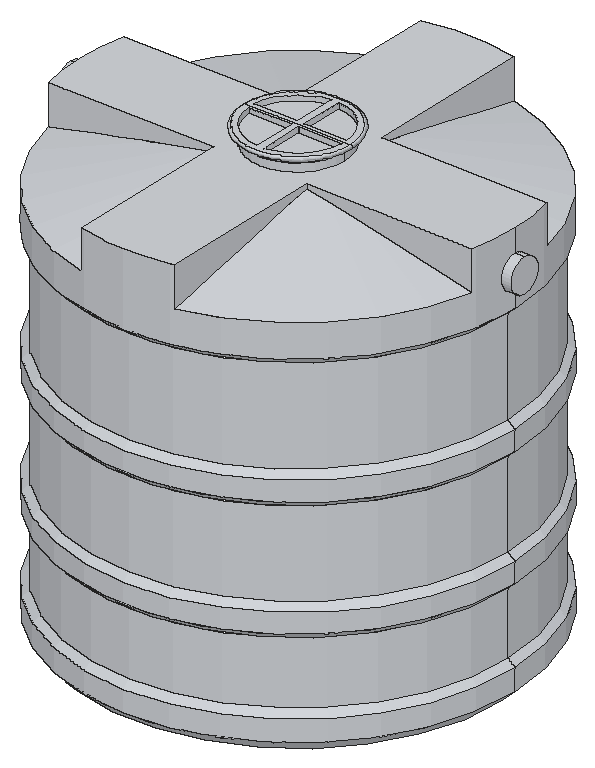
Revit family "Tanque séptico de esgoto - Redondo - Único", category Equipamento mecânico, Revit 2019
Family settings
  Cota do conector redondo = Usar raio
  Tipo de parte = Normal
  Com base no plano de trabalho = Não
  Sempre na vertical = Sim
  Corte com vazios quando carregada = Não
  Compartilhado = Não
  Ponto de cálculo do ambiente = Não
Parameters (values of type "1800 L")
  Volante = none
  Raio nominal 2 = 50 mm
  Raio nominal 1 = 50 mm
  Raio 2 = 142.64 mm
  Raio 1 = 660.00 mm
  Diâmetro nominal 2 = Raio nominal 2 * 2  # 100 mm
  Diâmetro nominal 1 = Raio nominal 1 * 2  # 100 mm
  Altura = 1300.00 mm
  Plástico = none
  Conectores = none
Types (5, lengths in mm): name | Raio 1
  (no name) | 660.00
  1800 L | 660.00
  3000 L | 782.00
  5500 L | 957.00
  10000 L | 1168.00
Reference planes
  plane 1 "Centro (Frente/Trás)": y = 0
  plane 2: z = 0
  plane 3 "Centro (Esquerda/Direita)": x = 0
  plane 4: x = -660
  plane 5: x = 660
  plane 6: z = 1300
  plane 7: z = 1180
  plane 8: x = -142.64
  plane 9: x = 142.64
  plane 10: y = 142.64
  plane 11: y = -142.64
  plane 12: z = 1350
  plane 13: z = 1325
  plane 14: x = -690
  plane 15: x = 690
  plane 16: z = 1230
  plane 17: z = 1180
  plane 18: z = 1080
  plane 19: z = 360
  plane 20: z = 390
  plane 21: z = 330
  plane 22: z = 720
  plane 23: z = 750
  plane 24: z = 690
Forms (mm)
  Sweep 1, solid, material <- "Conectores", detail levels fine
    path origin (0, 0, 0) x (1, 0, 0) y (0, 0, 1)
      loop
        line (0, 0) -> (0, 1300)
    profile origin (0, 0, 650) x (-1, 0, 0) y (0, -1, 0)
      loop
        circle (0, 0) r 660
  Extrusion 2, void
    sketch origin (0, 0, 0) x (1, 0, 0) y (0, 1, 0)
      loop
        line (-644.402, 142.64) -> (-142.64, 142.64) -> (-142.64, 644.402)
        arc (-142.64, 644.402) -> (-466.69, 466.69) -> (-644.402, 142.64) r 660
      loop
        line (142.64, 644.402) -> (142.64, 142.64) -> (644.402, 142.64)
        arc (644.402, 142.64) -> (466.69, 466.69) -> (142.64, 644.402) r 660
      loop
        arc (-644.402, -142.64) -> (-466.69, -466.69) -> (-142.64, -644.402) r 660
        line (-142.64, -644.402) -> (-142.64, -142.64) -> (-644.402, -142.64)
      loop
        arc (142.64, -644.402) -> (466.69, -466.69) -> (644.402, -142.64) r 660
        line (644.402, -142.64) -> (142.64, -142.64) -> (142.64, -644.402)
    from 1180 to 1300
  Blend 3, solid, material <- "Conectores", detail levels fine
    base sketch origin (0, 0, 0) x (1, 0, 0) y (0, 1, 0)
      loop
        circle (0, 0) r 660
    top sketch origin (0, 0, 0) x (1, 0, 0) y (0, 1, 0)
      loop
        circle (0, 0) r 142.64
    from 1180 to 1300
  Sweep 4, solid, material <- "Plástico", detail levels fine
    path origin (0, 0, 0) x (1, 0, 0) y (0, 0, 1)
      loop
        line (0, 1300) -> (0, 1325)
    profile origin (0, 0, 1312.5) x (-1, 0, 0) y (0, -1, 0)
      loop
        circle (0, 0) r 142.64
  Revolve 5, solid, material <- "Volante", detail levels fine
    sketch origin (0, 0, 0) x (1, 0, 0) y (0, 0, 1)
      loop
        line (0, 1325) -> (142.64, 1325) -> (146.866, 1334.063) -> (162.15, 1339.626)
        arc (162.15, 1339.626) -> (165.561, 1345.743) -> (160, 1350) r 5.353
        line (160, 1350) -> (0, 1350) -> (0, 1325)
      axis (0, 1325) -> (0, 1350)
    angle from 0 to 360
  Extrusion 6, void
    sketch origin (0, 0, 0) x (1, 0, 0) y (0, 1, 0)
      loop
        line (-9.46, 11.641) -> (-9.46, 142.326)
        arc (-9.46, 142.326) -> (-100.862, 100.862) -> (-142.326, 9.46) r 142.64
        line (-142.326, 9.46) -> (-11.641, 9.46)
        arc (-11.641, 9.46) -> (-10.607, 10.607) -> (-9.46, 11.641) r 15
      loop
        arc (9.46, 11.641) -> (10.607, 10.607) -> (11.641, 9.46) r 15
        line (11.641, 9.46) -> (142.326, 9.46)
        arc (142.326, 9.46) -> (100.862, 100.862) -> (9.46, 142.326) r 142.64
        line (9.46, 142.326) -> (9.46, 11.641)
      loop
        arc (-9.46, -11.641) -> (-10.607, -10.607) -> (-11.641, -9.46) r 15
        line (-11.641, -9.46) -> (-142.326, -9.46)
        arc (-142.326, -9.46) -> (-100.862, -100.862) -> (-9.46, -142.326) r 142.64
        line (-9.46, -142.326) -> (-9.46, -11.641)
      loop
        line (9.46, -11.641) -> (9.46, -142.326)
        arc (9.46, -142.326) -> (100.862, -100.862) -> (142.326, -9.46) r 142.64
        line (142.326, -9.46) -> (11.641, -9.46)
        arc (11.641, -9.46) -> (10.607, -10.607) -> (9.46, -11.641) r 15
    from 1334.063 to 1350
  Sweep 7, solid, material <- "Conectores", detail levels fine
    path origin (0, 0, 0) x (1, 0, 0) y (0, 0, 1)
      loop
        line (-690, 1230) -> (-639.222, 1230)
    profile origin (-664.611, 0, 1230) x (0, 0, 1) y (0, -1, 0)
      loop
        circle (0, 0) r 50
  Sweep 8, solid, material <- "Conectores", detail levels fine
    path origin (0, 0, 0) x (1, 0, 0) y (0, 0, 1)
      loop
        line (690, 1180) -> (639.222, 1180)
    profile origin (664.611, 0, 1180) x (0, 0, -1) y (0, -1, 0)
      loop
        circle (0, 0) r 50
  Revolve 9, void
    sketch origin (0, 0, 0) x (1, 0, 0) y (0, 0, 1)
      loop
        line (624.645, 0) -> (660, 0) -> (660, 35.355) -> (624.645, 0)
      loop
        line (640, 119.645) -> (660, 99.645) -> (660, 330.711) -> (640, 310.711) -> (640, 119.645)
      loop
        line (660, 690) -> (640, 670) -> (640, 410) -> (660, 390) -> (660, 690)
      loop
        line (660, 750) -> (660, 1080) -> (640, 1060) -> (640, 770) -> (660, 750)
      axis (0, 0) -> (0, 1080)
    angle from 0 to 360
Cuts and joins
  Extrusion 6 cuts Revolve 5
  Extrusion 2, Revolve 9 cuts Sweep 1
  Revolve 9 cuts Blend 3
  Revolve 9 cuts Sweep 7
  Revolve 9 cuts Sweep 8
  joined: Sweep 1, Blend 3, Sweep 7, Sweep 8
Lines and regions (mm)
  model lines, detail levels coarse+medium
    curve 1: arc (-660, 0, 1230) -> (0, 660, 1230) -> (660, 0, 1230) r 660
    curve 2: arc (660, 0, 1230) -> (0, -660, 1230) -> (-660, 0, 1230) r 660
Dimensions and locks
  "Raio 1": plane 5 to plane 3 "Centro (Esquerda/Direita)"
  "Raio 1": plane 3 "Centro (Esquerda/Direita)" to plane 4
  "Altura": plane 6 to level
  "Raio 2": plane 9 to plane 3 "Centro (Esquerda/Direita)"
  "Raio 2": plane 3 "Centro (Esquerda/Direita)" to plane 8
  "Raio 2": plane 1 "Centro (Frente/Trás)" to plane 11
  "Raio 2": plane 10 to plane 1 "Centro (Frente/Trás)"
  locked: plane 14 to plane 4 at 30
  locked: plane 5 to plane 15 at 30
  plane 6 to plane 7 to plane 18 = 120.00 mm locked, 100.00 mm locked
  plane 12 to plane 13 to plane 6 = 25.00 mm locked, 25.00 mm locked
  plane 16 to plane 7 = 50.00 mm
  plane 17 to plane 7 = 0.00 mm  (x2)
  locked: plane 19 to plane 21 at 30
  locked: plane 20 to plane 19 at 30
  locked: plane 22 to plane 24 at 30
  locked: plane 23 to plane 22 at 30
  equal spacing: plane 18, plane 22, plane 19, level
  "Raio 1": radius of Sweep 1 sketch curve
  "Raio 1": radius of Extrusion 2 sketch curve  (x4)
  "Raio 1": radius of Blend 3 sketch curve
  "Raio nominal 1": radius of Sweep 7 sketch curve
  "Raio nominal 2": radius of Sweep 8 sketch curve
  aligned and locked: level to plane 2
  aligned and locked: plane 3 "Centro (Esquerda/Direita)" to Sweep 1 sketch curve
  aligned and locked: plane 11 to Extrusion 2 sketch curve  (x2)
  aligned and locked: plane 8 to Extrusion 2 sketch curve
  aligned and locked: plane 9 to Extrusion 2 sketch curve
  aligned and locked: Extrusion 2 sketch curve to plane 10  (x2)
  aligned and locked: Extrusion 2 sketch curve to plane 9
  aligned and locked: Extrusion 2 sketch curve to plane 8
  aligned and locked: Extrusion 2 to plane 7
  aligned and locked: plane 6 to Extrusion 2
  aligned and locked: plane 3 "Centro (Esquerda/Direita)" to Sweep 4 sketch curve
  aligned and locked: Revolve 5 sketch curve to Revolve 5 sketch curve  (x3)
  aligned and locked: Extrusion 6 to Revolve 5
  aligned and locked: Blend 3 to plane 7
  aligned and locked: plane 6 to Blend 3
  aligned and locked: plane 12 to Extrusion 6
  aligned and locked: plane 16 to Sweep 7 sketch curve
  aligned and locked: plane 17 to Sweep 8 sketch curve
  aligned and locked: Revolve 9 sketch curve to plane 5  (x2)
  aligned and locked: level to Revolve 9 sketch curve
  aligned and locked: plane 3 "Centro (Esquerda/Direita)" to Revolve 9 sketch curve
  aligned and locked: plane 5 to Revolve 9 sketch curve
  aligned and locked: plane 20 to Revolve 9 sketch curve
  aligned and locked: plane 18 to Revolve 9 sketch curve
  aligned and locked: plane 1 "Centro (Frente/Trás)" to Blend 3 sketch curve  (x2)
  aligned and locked: plane 3 "Centro (Esquerda/Direita)" to Blend 3 sketch curve  (x2)
  aligned and locked: plane 1 "Centro (Frente/Trás)" to Extrusion 2 sketch curve  (x4)
  aligned and locked: plane 3 "Centro (Esquerda/Direita)" to Extrusion 2 sketch curve  (x4)
Automatic sketch dimensions
  Sweep 1 sketch curve to level = 0.00 mm
  Sweep 1 sketch curve to plane 6 = 0.00 mm
  plane 1 "Centro (Frente/Trás)" to Sweep 1 sketch curve = 0.00 mm
  Sweep 1 sketch curve to profile plane = 0.00 mm
  Sweep 4 sketch curve to plane 13 = 0.00 mm
  plane 1 "Centro (Frente/Trás)" to Sweep 4 sketch curve = 0.00 mm
  Sweep 4 sketch curve to profile plane = 0.00 mm
  Revolve 5 sketch curve to plane 3 "Centro (Esquerda/Direita)" = 0.00 mm
  Revolve 5 sketch curve to plane 9 = 0.00 mm
  Revolve 5 sketch curve to plane 13 = 0.00 mm
  Revolve 5 sketch curve to plane 12 = 0.00 mm
  plane 9 to Revolve 5 sketch curve = 4.226 mm
  plane 9 to Revolve 5 sketch curve = 17.36 mm
  Revolve 5 sketch curve to Revolve 5 sketch curve = 0.32 mm
  Revolve 5 sketch curve to Revolve 5 sketch curve = 1.831 mm
  plane 13 to Revolve 5 sketch curve = 9.063 mm
  Revolve 5 sketch curve to plane 12 = 10.374 mm
  Extrusion 6 sketch curve to Extrusion 6 sketch curve = 0.00 mm  (x14)
  plane 1 "Centro (Frente/Trás)" to Extrusion 6 sketch curve = 0.00 mm
  Extrusion 6 sketch curve to plane 3 "Centro (Esquerda/Direita)" = 0.00 mm
  Extrusion 6 sketch curve to plane 11 = 0.314 mm  (x2)
  Extrusion 6 sketch curve to plane 3 "Centro (Esquerda/Direita)" = 9.46 mm  (x2)
  Extrusion 6 sketch curve to plane 10 = 0.314 mm  (x2)
  Extrusion 6 sketch curve to Extrusion 6 sketch curve = 2.181 mm  (x4)
  plane 8 to Extrusion 6 sketch curve = 0.314 mm  (x2)
  plane 3 "Centro (Esquerda/Direita)" to Extrusion 6 sketch curve = 9.46 mm  (x2)
  Extrusion 6 sketch curve to plane 9 = 0.314 mm  (x2)
  Sweep 7 sketch curve to plane 14 = 0.00 mm
  Sweep 7 sketch curve to plane 1 "Centro (Frente/Trás)" = 0.00 mm
  profile plane to Sweep 7 sketch curve = 0.00 mm
  Sweep 8 sketch curve to plane 15 = 0.00 mm
  Sweep 8 sketch curve to plane 5 = 20.778 mm
  Sweep 8 sketch curve to plane 1 "Centro (Frente/Trás)" = 0.00 mm
  plane 4 to Sweep 7 sketch curve = 20.778 mm
  Revolve 9 sketch curve to plane 24 = 0.00 mm
  Revolve 9 sketch curve to plane 23 = 0.00 mm
  Revolve 9 sketch curve to plane 5 = 35.355 mm
  Revolve 9 sketch curve to plane 5 = 20.00 mm  (x3)
  level to Revolve 9 sketch curve = 35.355 mm
  level to Revolve 9 sketch curve = 80.00 mm
  Revolve 9 sketch curve to Revolve 9 sketch curve = 64.289 mm
  Revolve 9 sketch curve to Revolve 9 sketch curve = 20.00 mm
  plane 21 to Revolve 9 sketch curve = 19.289 mm
  Revolve 9 sketch curve to plane 21 = 0.711 mm
  plane 20 to Revolve 9 sketch curve = 20.00 mm
  plane 24 to Revolve 9 sketch curve = 20.00 mm
  plane 23 to Revolve 9 sketch curve = 20.00 mm
  Revolve 9 sketch curve to plane 18 = 20.00 mm
  Revolve 9 sketch curve to plane 5 = 0.00 mm
  Revolve 9 sketch curve to level = 0.00 mm
  Sweep 4 sketch curve to plane 6 = 0.00 mm
  curve 1 to curve 2 = 0.00 mm  (x2)
  plane 1 "Centro (Frente/Trás)" to curve 1 = 0.00 mm
  curve 1 to plane 4 = 0.00 mm
  curve 2 to plane 3 "Centro (Esquerda/Direita)" = 0.00 mm
  Sweep 8 sketch curve to profile plane = 0.00 mm
  radius of Blend 3 sketch curve = 142.64 mm
  radius of Sweep 4 sketch curve = 142.64 mm
Connectors
  piping at (-690, 0, 1230), diameter 100, driven by "Raio nominal 1"
    settings: on cut or joined group of Sweep 1, Extrusion 2, Blend 3, Sweep 7, Sweep 8, Revolve 9, index 2, connector inside diameter 100 mm, connector length 0.00 mm, flow factor 0, pipe flow 0.0 L/s, pressure drop 0.0 Pa, fitting loss kfactor 0, connector angle 0.00°, fixture units 0, engagement length 0.00 mm, angle of deflection 0.00°, flow configuration 0, flow direction 1, fitting loss method 0, system type 16, joint type 0, gender type 0, connector reference index -1, connector utility 0, adjustable connector no, is connector primary yes, connector description ""
  piping at (690, 0, 1180), diameter 100, driven by "Raio nominal 2"
    settings: on cut or joined group of Sweep 1, Extrusion 2, Blend 3, Sweep 7, Sweep 8, Revolve 9, index 3, connector inside diameter 100 mm, connector length 0.00 mm, flow factor 0, pipe flow 0.0 L/s, pressure drop 0.0 Pa, fitting loss kfactor 0, connector angle 0.00°, fixture units 0, engagement length 0.00 mm, angle of deflection 0.00°, flow configuration 0, flow direction 2, fitting loss method 0, system type 16, joint type 0, gender type 0, connector reference index -1, connector utility 0, adjustable connector no, is connector primary no, connector description ""
